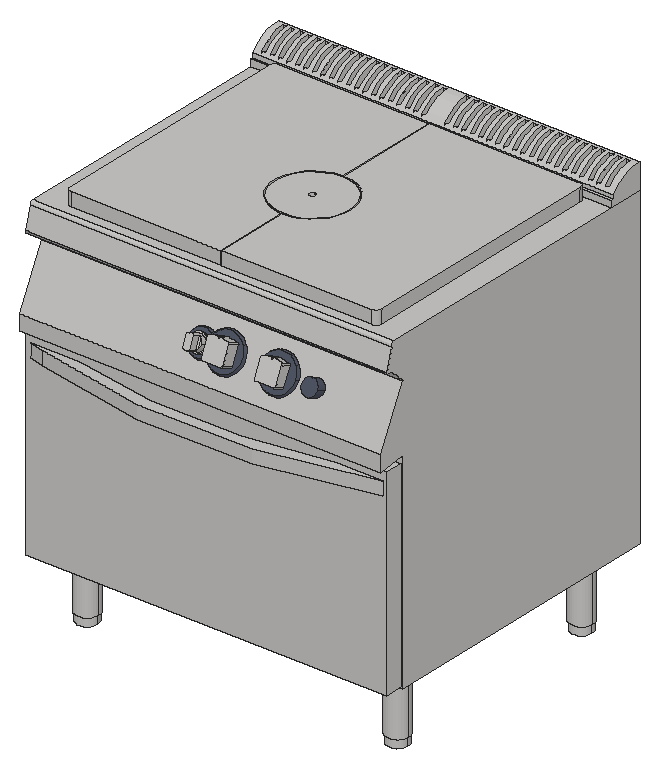
Revit family "QF_ZANUSSI_372008_Z7STGH10G0", category Specialty Equipment, Revit 2018 (continued)
Automatic sketch dimensions
  curve 149 to curve 146 = 0.00 mm
  curve 169 to curve 167 = 0.00 mm
  curve 153 to curve 150 = 0.00 mm
  curve 165 to curve 163 = 0.00 mm
  curve 161 to curve 157 = 0.00 mm
  curve 38 to curve 15 = 18.389 mm
  curve 11 to curve 15 = 0.00 mm
  plane 8 "Center X" to curve 16 = 30.487 mm
  curve 17 to curve 10 = 0.006 mm
  curve 9 to plane 8 "Center X" = 54.999 mm
  curve 9 to curve 17 = 0.00 mm
  curve 17 to curve 22 = 0.001 mm
  curve 13 to plane 5 "FRONT" = 40.40 mm
  curve 30 to curve 25 = 5.939 mm
  curve 25 to curve 26 = 6.35 mm
  curve 10 to curve 22 = 2.881 mm
  curve 24 to curve 17 = 6.999 mm
  plane 11 to Extrusion 13 sketch curve = 0.00 mm  (x2)
  Extrusion 13 sketch curve to plane 3 "LEFT" = 0.00 mm
  plane 1 "BACK" to Extrusion 13 sketch curve = 0.00 mm
  Extrusion 13 sketch curve to plane 4 "RIGHT" = 0.00 mm
  Extrusion 13 sketch curve to plane 3 "LEFT" = 150.00 mm
  plane 4 "RIGHT" to Extrusion 13 sketch curve = 150.00 mm
  Extrusion 13 sketch curve to plane 1 "BACK" = 150.00 mm
  Extrusion 14 sketch curve to Extrusion 14 sketch curve = 0.00 mm  (x6)
  plane 5 "FRONT" to Extrusion 14 sketch curve = 0.00 mm  (x2)
  Extrusion 14 sketch curve to plane 4 "RIGHT" = 8.02 mm
  Extrusion 14 sketch curve to Extrusion 14 sketch curve = 93.605 mm
  plane 7 "Center Y" to Extrusion 14 sketch curve = 1.98 mm
  Extrusion 14 sketch curve to plane 1 "BACK" = 537.50 mm
  Extrusion 14 sketch curve to plane 11 = 4.779 mm
  Blend 15 sketch curve to plane 7 "Center Y" = 20.50 mm  (x2)
  plane 7 "Center Y" to Blend 15 sketch curve = 32.50 mm  (x2)
  Blend 15 sketch curve to Blend 15 sketch curve = 0.00 mm  (x2)
  Blend 15 sketch curve to plane 7 "Center Y" = 2.55 mm
  Blend 15 sketch curve to Blend 15 sketch curve = 24.037 mm
  Blend 15 sketch curve to plane 7 "Center Y" = 2.078 mm
  Blend 15 sketch curve to Blend 15 sketch curve = 21.086 mm
  Extrusion 16 sketch curve to plane 7 "Center Y" = 22.501 mm
  Extrusion 17 sketch curve to plane 7 "Center Y" = 39.393 mm
  Extrusion 17 sketch curve to Extrusion 17 sketch curve = 6.058 mm
  Extrusion 17 sketch curve to Extrusion 17 sketch curve = 0.01 mm  (x2)
  Extrusion 17 sketch curve to Extrusion 17 sketch curve = 8.895 mm
  Extrusion 17 sketch curve to plane 7 "Center Y" = 14.503 mm
  Extrusion 17 sketch curve to Extrusion 17 sketch curve = 2.827 mm  (x3)
  Extrusion 17 sketch curve to plane 7 "Center Y" = 5.609 mm
  plane 13 "panel" to Extrusion 17 sketch curve = 22.00 mm  (x2)
  Extrusion 17 sketch curve to Extrusion 17 sketch curve = 15.163 mm
  Extrusion 17 sketch curve to Extrusion 17 sketch curve = 15.173 mm
  plane 7 "Center Y" to Extrusion 18 sketch curve = 9.50 mm
  Extrusion 18 sketch curve to Extrusion 18 sketch curve = 2.997 mm  (x3)
  Extrusion 18 sketch curve to Extrusion 18 sketch curve = 20.003 mm  (x2)
  Extrusion 18 sketch curve to Extrusion 18 sketch curve = 40.005 mm
  Extrusion 18 sketch curve to Extrusion 18 sketch curve = 5.399 mm
  Extrusion 18 sketch curve to Extrusion 18 sketch curve = 40.037 mm
  Extrusion 18 sketch curve to Extrusion 18 sketch curve = 0.00 mm  (x2)
  Split face 26 sketch curve to Split face 26 sketch curve = 2.545 mm
  Split face 26 sketch curve to Split face 26 sketch curve = 4.379 mm
  Extrusion 19 sketch curve to plane 7 "Center Y" = 22.501 mm
  Blend 20 sketch curve to plane 4 "RIGHT" = 250.00 mm  (x2)
  Extrusion 21 sketch curve to plane 4 "RIGHT" = 273.00 mm
  Extrusion 21 sketch curve to Extrusion 21 sketch curve = 2.997 mm  (x3)
  Extrusion 21 sketch curve to Extrusion 21 sketch curve = 20.003 mm  (x2)
  Extrusion 21 sketch curve to Extrusion 21 sketch curve = 40.005 mm
  Extrusion 21 sketch curve to Extrusion 21 sketch curve = 5.399 mm
  Extrusion 21 sketch curve to Extrusion 21 sketch curve = 40.037 mm
  Extrusion 21 sketch curve to Extrusion 21 sketch curve = 0.00 mm  (x2)
  plane 13 "panel" to Extrusion 22 sketch curve = 35.00 mm
  plane 5 "FRONT" to Extrusion 22 sketch curve = 5.671 mm
  Extrusion 22 sketch curve to Extrusion 22 sketch curve = 3.00 mm
  Extrusion 22 sketch curve to Extrusion 22 sketch curve = 0.00 mm  (x2)
  Extrusion 22 sketch curve to Extrusion 22 sketch curve = 1.00 mm
  Extrusion 22 sketch curve to Extrusion 22 sketch curve = 15.00 mm
  Extrusion 23 sketch curve to plane 4 "RIGHT" = 267.50 mm
  Extrusion 23 sketch curve to Extrusion 23 sketch curve = 35.00 mm  (x2)
  Split face 28 sketch curve to Split face 28 sketch curve = 6.00 mm
  Split face 28 sketch curve to Split face 28 sketch curve = 10.00 mm
  Split face 29 sketch curve to Split face 29 sketch curve = 5.00 mm
  Split face 29 sketch curve to Split face 29 sketch curve = 9.00 mm
  Split face 30 sketch curve to Split face 30 sketch curve = 5.00 mm
  Split face 31 sketch curve to Split face 31 sketch curve = 5.00 mm
  Extrusion 24 sketch curve to plane 4 "RIGHT" = 166.00 mm
  Extrusion 25 sketch curve to plane 4 "RIGHT" = 166.00 mm
  plane 13 "panel" to Extrusion 26 sketch curve = 35.00 mm
  plane 5 "FRONT" to Extrusion 26 sketch curve = 5.671 mm
  Extrusion 26 sketch curve to Extrusion 26 sketch curve = 3.00 mm
  Extrusion 26 sketch curve to Extrusion 26 sketch curve = 0.00 mm  (x2)
  Extrusion 26 sketch curve to Extrusion 26 sketch curve = 1.00 mm
  Extrusion 26 sketch curve to Extrusion 26 sketch curve = 15.00 mm
  curve 217 to plane 7 "Center Y" = 22.501 mm
  curve 217 to plane 11 = 17.042 mm
  curve 212 to curve 217 = 0.001 mm
  curve 210 to curve 212 = 7.996 mm
  curve 213 to curve 213 = 2.259 mm
  curve 212 to curve 213 = 0.319 mm
  curve 212 to curve 210 = 3.717 mm
  curve 213 to curve 212 = 1.423 mm
  curve 216 to curve 212 = 4.288 mm
  curve 212 to curve 211 = 0.001 mm
  curve 214 to curve 214 = 0.865 mm
  curve 214 to curve 214 = 2.495 mm
  curve 214 to curve 211 = 0.141 mm
  curve 209 to curve 211 = 3.718 mm
  curve 211 to curve 212 = 4.284 mm
  curve 212 to curve 211 = 0.00 mm
  curve 217 to curve 212 = 1.913 mm
  curve 217 to curve 211 = 1.913 mm
  curve 212 to curve 216 = 0.00 mm
  curve 215 to curve 211 = 0.00 mm
  curve 212 to curve 210 = 1.224 mm
  curve 211 to curve 209 = 1.224 mm
  curve 215 to curve 215 = 4.847 mm
  curve 217 to curve 211 = 6.76 mm
  curve 215 to curve 212 = 0.003 mm
  curve 216 to curve 216 = 4.85 mm
  curve 212 to curve 213 = 0.047 mm
  curve 211 to curve 214 = 2.86 mm
  curve 214 to curve 209 = 11.285 mm
  curve 237 to curve 238 = 0.00 mm
  curve 237 to curve 239 = 0.00 mm  (x2)
  curve 238 to curve 239 = 0.00 mm
  curve 240 to plane 3 "LEFT" = 0.00 mm
  curve 241 to plane 3 "LEFT" = 0.00 mm
  plane 11 to curve 241 = 0.00 mm
  plane 11 to curve 242 = 0.00 mm
  plane 11 to curve 243 = 0.00 mm
  plane 5 "FRONT" to curve 236 = 0.00 mm
  plane 5 "FRONT" to curve 235 = 0.00 mm
  curve 240 to plane 4 "RIGHT" = 0.00 mm
  curve 243 to plane 4 "RIGHT" = 0.00 mm
  plane 7 "Center Y" to curve 237 = 1.98 mm
  plane 7 "Center Y" to curve 201 = 9.50 mm
  curve 202 to curve 202 = 0.809 mm
  curve 205 to curve 205 = 1.583 mm
  curve 202 to curve 203 = 1.846 mm
  curve 202 to curve 207 = 2.189 mm
  plane 7 "Center Y" to curve 204 = 21.392 mm
  plane 5 "FRONT" to curve 199 = 5.671 mm
  curve 205 to curve 199 = 20.417 mm
  plane 7 "Center Y" to curve 206 = 31.631 mm
  curve 206 to curve 197 = 1.738 mm
  curve 199 to curve 199 = 2.00 mm
  curve 204 to curve 195 = 22.215 mm
  curve 198 to curve 207 = 19.003 mm
  curve 207 to curve 194 = 0.343 mm
  curve 194 to curve 196 = 1.071 mm
  curve 207 to curve 193 = 2.189 mm
  curve 193 to curve 192 = 0.809 mm
  plane 11 to curve 218 = 9.217 mm
  curve 192 to curve 218 = 71.50 mm
  curve 219 to curve 219 = 0.809 mm
  curve 222 to curve 222 = 1.583 mm
  curve 219 to curve 220 = 1.846 mm
  curve 219 to curve 233 = 2.189 mm
  curve 218 to curve 221 = 11.892 mm
  plane 5 "FRONT" to curve 224 = 5.671 mm
  curve 222 to curve 224 = 20.417 mm
  curve 233 to curve 223 = 19.134 mm
  curve 223 to curve 232 = 1.738 mm
  curve 224 to curve 226 = 2.00 mm
  curve 221 to curve 230 = 22.215 mm
  curve 225 to curve 233 = 19.003 mm
  curve 233 to curve 229 = 0.343 mm
  curve 229 to curve 231 = 1.071 mm
  curve 233 to curve 228 = 2.189 mm
  curve 228 to curve 227 = 0.809 mm
  plane 5 "FRONT" to curve 244 = 5.591 mm
  curve 231 to curve 244 = 43.00 mm
  curve 227 to curve 243 = 9.217 mm
  plane 11 to curve 202 = 9.217 mm
  curve 193 to curve 242 = 9.217 mm
  curve 233 to curve 219 = 1.333 mm
  curve 207 to curve 202 = 1.333 mm
  curve 232 to curve 239 = 86.839 mm
  curve 206 to curve 203 = 86.839 mm
  curve 206 to curve 197 = 0.00 mm
  curve 223 to curve 232 = 0.00 mm
  curve 228 to curve 229 = 2.779 mm
  curve 202 to curve 203 = 2.779 mm
  curve 219 to curve 220 = 2.779 mm
  curve 193 to curve 194 = 2.779 mm
  plane 5 "FRONT" to curve 205 = 7.106 mm
  plane 5 "FRONT" to curve 231 = 7.106 mm
  plane 5 "FRONT" to curve 196 = 7.106 mm
  plane 5 "FRONT" to curve 222 = 7.106 mm
  curve 204 to plane 5 "FRONT" = 36.239 mm
  curve 230 to plane 5 "FRONT" = 36.239 mm
  curve 221 to curve 230 = 0.00 mm
  curve 204 to curve 195 = 0.00 mm
  curve 237 to plane 1 "BACK" = 537.50 mm
  curve 237 to plane 11 = 0.129 mm  (x2)
  plane 3 "LEFT" to curve 237 = 63.232 mm
  curve 239 to plane 11 = 0.216 mm
  plane 14 to curve 239 = 0.723 mm
  curve 241 to plane 7 "Center Y" = 30.499 mm
  curve 208 to plane 11 = 0.129 mm
  curve 208 to plane 7 "Center Y" = 14.503 mm
  curve 204 to plane 7 "Center Y" = 0.502 mm
  curve 206 to curve 205 = 0.284 mm
  curve 196 to curve 196 = 0.284 mm
  curve 192 to curve 195 = 10.002 mm
  curve 221 to curve 218 = 10.002 mm
  curve 222 to curve 222 = 0.284 mm
  curve 231 to curve 231 = 0.284 mm
  curve 227 to curve 230 = 10.002 mm
  curve 244 to curve 236 = 5.116 mm
  curve 238 to plane 11 = 0.129 mm
  curve 236 to curve 238 = 10.702 mm
  curve 238 to curve 234 = 7.298 mm
  curve 235 to curve 234 = 0.00 mm
  curve 236 to curve 235 = 0.00 mm
  curve 235 to curve 234 = 5.116 mm
  curve 231 to curve 231 = 0.567 mm
  curve 222 to curve 222 = 0.567 mm
  curve 205 to curve 205 = 0.567 mm
  curve 196 to curve 196 = 0.567 mm
  curve 245 to plane 5 "FRONT" = 0.116 mm
  Extrusion 5 sketch curve to plane 8 "Center X" = 365.00 mm
  Extrusion 5 sketch curve to plane 8 "Center X" = 350.00 mm
  Extrusion 5 sketch curve to plane 6 "TOP" = 110.989 mm
  Extrusion 5 sketch curve to plane 8 "Center X" = 349.884 mm
  Extrusion 5 sketch curve to Extrusion 5 sketch curve = 2.884 mm
  Extrusion 5 sketch curve to Extrusion 5 sketch curve = 13.051 mm
  Extrusion 5 sketch curve to plane 6 "TOP" = 114.816 mm
  Extrusion 5 sketch curve to Extrusion 5 sketch curve = 10.198 mm
  Extrusion 5 sketch curve to Extrusion 5 sketch curve = 7.474 mm
  Extrusion 5 sketch curve to plane 8 "Center X" = 310.00 mm
  Extrusion 5 sketch curve to Extrusion 5 sketch curve = 1.355 mm
  Extrusion 5 sketch curve to Extrusion 5 sketch curve = 0.445 mm
  Extrusion 5 sketch curve to Extrusion 5 sketch curve = 5.00 mm  (x2)
  Extrusion 5 sketch curve to plane 8 "Center X" = 304.982 mm
  plane 9 "Base" to Extrusion 5 sketch curve = 0.00 mm
  Extrusion 5 sketch curve to plane 1 "BACK" = 0.00 mm
  Extrusion 5 sketch curve to plane 10 = 250.85 mm
  Extrusion 5 sketch curve to Extrusion 5 sketch curve = 5.508 mm
  Extrusion 5 sketch curve to Extrusion 5 sketch curve = 10.259 mm
  Extrusion 5 sketch curve to Extrusion 5 sketch curve = 35.00 mm
  Extrusion 5 sketch curve to plane 10 = 89.486 mm
  Extrusion 5 sketch curve to plane 6 "TOP" = 65.474 mm
  Extrusion 12 sketch curve to plane 9 "Base" = 0.00 mm
  Extrusion 12 sketch curve to plane 5 "FRONT" = 0.00 mm
  plane 12 to Extrusion 12 sketch curve = 0.337 mm
  plane 9 "Base" to Extrusion 12 sketch curve = 5.526 mm
  Extrusion 12 sketch curve to plane 5 "FRONT" = 34.966 mm
  radius of Extrusion 9 sketch curve = 82.60 mm
  radius of Extrusion 9 sketch curve = 7.00 mm
  radius of Extrusion 11 sketch curve = 6.35 mm
  radius of Extrusion 16 sketch curve = 20.00 mm
  radius of Split face 1 sketch curve = 1.00 mm
  radius of Split face 2 sketch curve = 1.00 mm
  radius of Split face 3 sketch curve = 1.00 mm
  radius of Split face 4 sketch curve = 1.00 mm
  radius of Split face 5 sketch curve = 1.00 mm
  radius of Split face 6 sketch curve = 1.00 mm
  radius of Split face 7 sketch curve = 1.00 mm
  radius of Split face 8 sketch curve = 1.00 mm
  radius of Split face 9 sketch curve = 1.00 mm
  radius of Split face 10 sketch curve = 1.00 mm
  radius of Split face 11 sketch curve = 1.00 mm
  radius of Split face 12 sketch curve = 1.00 mm
  radius of Split face 13 sketch curve = 1.00 mm
  radius of Split face 14 sketch curve = 1.00 mm
  radius of Split face 15 sketch curve = 1.00 mm
  radius of Split face 16 sketch curve = 1.00 mm
  radius of Split face 17 sketch curve = 1.00 mm
  radius of Split face 18 sketch curve = 1.00 mm
  radius of Split face 19 sketch curve = 1.00 mm
  radius of Split face 20 sketch curve = 1.00 mm
  radius of Split face 21 sketch curve = 1.00 mm
  radius of Split face 22 sketch curve = 1.00 mm
  radius of Split face 23 sketch curve = 1.00 mm
  radius of Split face 24 sketch curve = 1.508 mm
  radius of Split face 25 sketch curve = 1.343 mm
  radius of Extrusion 19 sketch curve = 16.00 mm
  radius of Blend 20 sketch curve = 42.50 mm
  radius of Blend 20 sketch curve = 40.50 mm
  radius of Split face 27 sketch curve = 3.00 mm
  radius of Split face 32 sketch curve = 1.50 mm
  radius of Split face 33 sketch curve = 2.029 mm
  radius of Split face 34 sketch curve = 3.497 mm
  radius of Extrusion 24 sketch curve = 18.00 mm
  radius of Extrusion 25 sketch curve = 15.00 mm
  radius of Split face 35 sketch curve = 1.00 mm
Connectors
  piping at (747.613, -464, 141.185), diameter 12.8
    settings: on Extrusion 11, index 1, connector inside diameter 0.50394", connector length 0.00 mm, flow factor 0, pipe flow 0 GPM, pressure drop 0.00 psi, fitting loss kfactor 0, connector angle 0.00°, fixture units 0, engagement length 0.00 mm, angle of deflection 0.00°, flow configuration 1, flow direction 1, fitting loss method 0, system type 7, joint type 0, gender type 0, connector reference index -1, connector utility 0, adjustable connector no, is connector primary yes, connector description "Gas Inlet"
